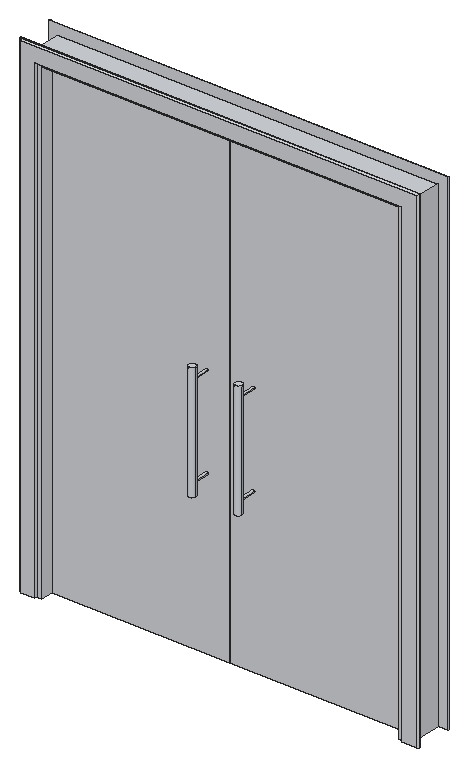
Revit family "Porta pivotante dupla com revestimento", category Portas, Revit 2019
Family settings
  Hospedeiro = Parede
  Número OmniClass = 23.30.10.00
  Título OmniClass = Doors
  Sempre na vertical = Sim
  Corte com vazios quando carregada = Não
  Compartilhado = Não
  Ponto de cálculo do ambiente = Não
Parameters (values of type "1640 x 2100mm")
  Visual Light Transmittance = 0
  Largura da apara = 70 mm
  Espessura da apara = 10 mm
  Material da apara = none
  Espessura = 45 mm
  Solar Heat Gain Coefficient = 0
  Rough Width = Width  # 1640 mm
  Rough Height = Height  # 2100 mm
  Largura do painel = (Width - (Largura da estrutura - 10 mm) * 2) / 2 - Largura da moldura média  # 740 mm
  Sub-largura do painel = 120 mm
  Material do painel = none
  ID do tipo de construção = ""
  Coeficiente de transferência de calor (U) = 3.7021 W/(m²·K)
  Material do puxador = none
  Função = Exterior
  Height = 2100 mm
  Fechamento da parede = Por hospedeiro
  Width = 1640 mm
  Largura da estrutura = 50 mm
  Largura da moldura média = Largura da estrutura - 10 mm  # 40 mm
  Material da moldura = none
  Construção analítica = Metal
Types (4, lengths in mm): name | Rough Width | Largura do painel | Width
  (no name) | 1640 | 740 | 1640
  1640 x 2100mm | 1640 | 740 | 1640
  1840 x 2100mm | 1840 | 840 | 1840
  2040 x 2100mm | 2040 | 940 | 2040
Reference planes
  plane 1 "Centro (Frente/Trás)": y = 0
  plane 2 "Centro (Esquerda/Direita)": x = 0
  plane 3 "Esquerda": x = -820
  plane 4 "Direita": x = 820
  plane 5: z = 2100
  plane 6 "Exterior": y = 75
  plane 7 "Interior": y = -75
  plane 8: z = 0
  plane 9: x = 780
  plane 10: y = 75
  plane 11: y = -75
  plane 12: x = 660
  plane 13: z = 1050
  plane 14: y = 22.5
  plane 15: y = -22.5
  plane 16: x = -780
  plane 17: z = 2060
  plane 18: x = -770
  plane 19: x = 770
  plane 20: x = 100
  plane 21: y = -85
  plane 22: y = 85
  plane 23: z = 2080
  plane 24: x = 800
  plane 25: x = -795
  plane 26: z = 900
  plane 27: x = -865
  plane 28: x = -660
  plane 29: x = -100
Forms (mm)
  Extrusion 1, solid, material <- "Material do painel", detail levels medium+fine
    sketch origin (0, 0, 0) x (1, 0, 0) y (0, 1, 0)
      loop
        line (-780, 22.5) -> (-780, -22.5) -> (0, -22.5) -> (0, 22.5) -> (-780, 22.5)
    from 0 to 2060
  Sweep 2, solid, material <- "Material da moldura", detail levels fine
    path origin (0, 75, 0) x (1, 0, 0) y (0, 0, 1)
      loop
        line (-820, 2060) -> (-820, 0)
    profile origin (-820, 75, 1030) x (0, -1, 0) y (1, 0, 0)
      loop
        line (0, 40) -> (0, 0) -> (150, 0) -> (150, 50) -> (97.5, 50) -> (97.5, 40) -> (0, 40)
  Sweep 3, solid, material <- "Material da moldura", detail levels fine
    path origin (0, 75, 0) x (1, 0, 0) y (0, 0, 1)
      loop
        line (820, 0) -> (820, 2060)
    profile origin (820, 75, 1030) x (-1, 0, 0) y (0, -1, 0)
      loop
        line (0, 0) -> (40, 0) -> (40, 97.5) -> (50, 97.5) -> (50, 150) -> (0, 150) -> (0, 0)
  Sweep 4, solid, material <- "Material da moldura", detail levels fine
    path origin (0, 75, 0) x (1, 0, 0) y (0, 0, 1)
      loop
        line (820, 2100) -> (-820, 2100)
    profile origin (0, 75, 2100) x (0, 0, -1) y (0, -1, 0)
      loop
        line (0, 0) -> (40, 0) -> (40, 150) -> (0, 150) -> (0, 0)
  Extrusion 5, solid, material <- "Material do painel", detail levels coarse
    sketch origin (-65.763, 0, 0) x (1, 0, 0) y (0, 1, 0)
      loop
        line (65.763, 22.5) -> (65.763, -22.5) -> (885.763, -22.5) -> (885.763, 22.5) -> (65.763, 22.5)
    from 0 to 2100
  Sweep 6, solid, material <- "Material da moldura", detail levels medium
    path origin (0, 75, 0) x (1, 0, 0) y (0, 0, 1)
      loop
        line (-820, 0) -> (-820, 2100) -> (820, 2100) -> (820, 0)
    profile origin (820, 75, 1050) x (0, -1, 0) y (1, 0, 0)
      loop
        line (0, -40) -> (150, -40) -> (150, 0) -> (0, 0) -> (0, -40)
  Extrusion 7, solid, material <- "Material do painel", detail levels coarse
    sketch origin (65.763, 0, 0) x (-1, 0, 0) y (0, -1, 0)
      loop
        line (65.763, -22.5) -> (885.763, -22.5) -> (885.763, 22.5) -> (65.763, 22.5) -> (65.763, -22.5)
    from 0 to 2100
  Extrusion 8, solid, material <- "Material do painel", detail levels medium+fine
    sketch origin (0, 0, 0) x (-1, 0, 0) y (0, -1, 0)
      loop
        line (-780, -22.5) -> (0, -22.5) -> (0, 22.5) -> (-780, 22.5) -> (-780, -22.5)
    from 0 to 2060
  Sweep 9, solid, material <- "Material da apara", detail levels fine
    path origin (-2735, -75, 1200) x (-1, 0, 0) y (0, 0, 1)
      loop
        line (-3555, -1200) -> (-3555, 900) -> (-1915, 900) -> (-1915, -1200)
    profile "Perfil da apara : Perfil da apara" origin (-820, -75, 1050) x (-1, 0, 0) y (0, 1, 0)
      loop
        line (43, 0) -> (-27, 0) -> (-27, -10) -> (37, -10) -> (43, -4) -> (43, 0)
  Sweep 10, solid, material <- "Material da apara", detail levels fine
    path origin (-2697.817, 75, 1200) x (-1, 0, 0) y (0, 0, 1)
      loop
        line (-1877.817, -1200) -> (-1877.817, 900) -> (-3517.817, 900) -> (-3517.817, -1200)
    profile "Perfil da apara : Perfil da apara" origin (-820, 75, 1050) x (1, 0, 0) y (0, 1, 0)
      loop
        line (-43, 0) -> (27, 0) -> (27, 10) -> (-37, 10) -> (-43, 4) -> (-43, 0)
Cuts and joins
  joined: Sweep 2, Sweep 3, Sweep 4
Lines and regions (mm)
  Opening 1
    outline origin (-3050, -75, 0) x (1, 0, 0) y (0, 0, 1)
      loop
        line (2230, 0) -> (3870, 0) -> (3870, 2100) -> (2230, 2100) -> (2230, 0)
  symbolic lines, style "Doors", detail levels medium+fine
    curve 1: circle (660, 0, 0) r 10 normal (0, 0, 1)
    curve 16: circle (-660, 0, 0) r 10 normal (0, 0, -1)
  symbolic lines, style "Giro da elevação", detail levels medium+fine
    curve 2: line (780, 75, 1050) -> (660, 75, 0)
    curve 3: line (780, 75, 1050) -> (660, 75, 2060)
    curve 6: line (660, 75, 2060) -> (0, 75, 1050)
    curve 13: line (-660, 75, 2060) -> (0, 75, 1050)
    curve 14: line (-660, 75, 2060) -> (-780, 75, 1050)
    curve 15: line (-780, 75, 1050) -> (-660, 75, 0)
  symbolic lines, style "Giro da elevação", detail levels coarse
    curve 4: line (660, 75, 0) -> (820, 75, 1050)
    curve 5: line (820, 75, 1050) -> (660, 75, 2100)
    curve 8: line (660, 75, 2100) -> (0, 75, 1050)
    curve 9: line (-660, 75, 2100) -> (0, 75, 1050)
    curve 11: line (-660, 75, 0) -> (-820, 75, 1050)
    curve 12: line (-820, 75, 1050) -> (-660, 75, 2100)
  symbolic lines, style "Giro da elevação"
    curve 7: line (0, 75, 1050) -> (660, 75, 0)
    curve 10: line (0, 75, 1050) -> (-660, 75, 0)
Text (mm)
  text "Externo" at (-2295.016, 1099.543, 0), in view "Nível de referência"
  text "Externo" at (0, 1615.38, 3698.081), in view "Esquerda"
  text "Externo" at (0, 1036.032, 3874.932), in view "Direita"
Dimensions and locks
  equal spacing: plane 3 "Esquerda", plane 2 "Centro (Esquerda/Direita)", plane 4 "Direita"
  "Width": plane 3 "Esquerda" to plane 4 "Direita"
  "Height": plane 5 to host wall
  host wall to plane 5 = 2100 mm  (x2)
  locked: plane 6 "Exterior" to host wall at 0
  locked: plane 7 "Interior" to host wall
  equal spacing: level, plane 13, plane 5
  "Espessura": plane 14 to plane 15
  "Sub-largura do painel": plane 12 to plane 9
  "Largura da moldura média": plane 9 to plane 4 "Direita"
  "Largura da moldura média": plane 3 "Esquerda" to plane 16
  "Largura da moldura média": plane 17 to plane 5
  equal spacing: plane 14, plane 1 "Centro (Frente/Trás)", plane 15
  locked: plane 16 to plane 18 at 10
  plane 19 to plane 9 = 10 mm
  equal spacing: plane 17, plane 23, plane 5
  equal spacing: plane 9, plane 24, plane 4 "Direita"
  equal spacing: plane 18, plane 25, plane 3 "Esquerda"
  "Espessura da apara": plane 11 to plane 21
  "Espessura da apara": plane 22 to plane 10
  locked: level to plane 26 at 900
  "Largura da apara": plane 27 to plane 25
  locked: plane 2 "Centro (Esquerda/Direita)" to plane 20 at 100
  "Sub-largura do painel": plane 16 to plane 28
  locked: plane 2 "Centro (Esquerda/Direita)" to plane 29 at 100
  aligned and locked: plane 3 "Esquerda" to Opening 1 sketch curve
  aligned and locked: plane 5 to Opening 1 sketch curve  (x2)
  aligned and locked: Opening 1 sketch curve to plane 4 "Direita"
  aligned and locked: Opening 1 sketch curve to level
  aligned and locked: level to plane 8
  aligned and locked: plane 10 to host wall
  aligned and locked: plane 9 to nested 1
  aligned and locked: plane 9 to curve 3
  aligned and locked: plane 13 to curve 3
  aligned and locked: plane 7 "Interior" to plane 11
  aligned and locked: Extrusion 1 sketch curve to plane 14
  aligned and locked: plane 15 to Extrusion 1 sketch curve
  aligned and locked: plane 16 to Extrusion 1 sketch curve
  aligned and locked: plane 1 "Centro (Frente/Trás)" to host wall
  aligned and locked: plane 17 to Sweep 2 sketch curve
  aligned and locked: plane 8 to Sweep 2 sketch curve
  aligned and locked: Sweep 2 sketch curve to plane 6 "Exterior"
  aligned and locked: plane 18 to Sweep 2 sketch curve
  aligned and locked: plane 16 to Sweep 2 sketch curve
  aligned and locked: plane 7 "Interior" to Sweep 2 sketch curve
  aligned and locked: plane 3 "Esquerda" to Sweep 2 sketch curve
  aligned and locked: plane 8 to Sweep 3 sketch curve
  aligned and locked: plane 17 to Sweep 3 sketch curve
  aligned and locked: plane 4 "Direita" to Sweep 3 sketch curve
  aligned and locked: Sweep 3 sketch curve to plane 6 "Exterior"
  aligned and locked: Sweep 3 sketch curve to plane 4 "Direita"
  aligned and locked: plane 7 "Interior" to Sweep 3 sketch curve
  aligned and locked: Sweep 3 sketch curve to plane 19
  aligned and locked: plane 15 to Sweep 3 sketch curve
  aligned and locked: Sweep 3 sketch curve to plane 9
  aligned and locked: plane 4 "Direita" to Sweep 4 sketch curve
  aligned and locked: plane 3 "Esquerda" to Sweep 4 sketch curve
  aligned and locked: plane 5 to Sweep 4 sketch curve  (x2)
  aligned and locked: Sweep 4 sketch curve to plane 7 "Interior"
  aligned and locked: plane 6 "Exterior" to Sweep 4 sketch curve
  aligned and locked: plane 17 to Sweep 4 sketch curve
  aligned and locked: plane 15 to nested 2
  aligned and locked: plane 20 to nested 2
  aligned and locked: plane 26 to nested 2
  aligned and locked: plane 12 to curve 2
  aligned and locked: Extrusion 5 sketch curve to plane 14
  aligned and locked: plane 15 to Extrusion 5 sketch curve
  aligned and locked: plane 4 "Direita" to curve 5
  aligned and locked: plane 4 "Direita" to Sweep 6 sketch curve  (x2)
  aligned and locked: plane 5 to Sweep 6 sketch curve
  aligned and locked: plane 3 "Esquerda" to Sweep 6 sketch curve
  aligned and locked: Sweep 6 sketch curve to plane 10
  aligned and locked: plane 11 to Sweep 6 sketch curve
  aligned and locked: plane 9 to Sweep 6 sketch curve
  aligned and locked: nested 4 to plane 29
  aligned and locked: plane 2 "Centro (Esquerda/Direita)" to curve 7
  aligned and locked: plane 13 to curve 7
  aligned and locked: Extrusion 5 to plane 4 "Direita"
  aligned and locked: Extrusion 5 to plane 2 "Centro (Esquerda/Direita)"
  aligned and locked: plane 2 "Centro (Esquerda/Direita)" to Extrusion 7
  aligned and locked: plane 3 "Esquerda" to Extrusion 7
  aligned and locked: Extrusion 5 to plane 5
  aligned and locked: Extrusion 7 to plane 5
  aligned and locked: Extrusion 5 to plane 8
  aligned and locked: Extrusion 7 to plane 8
  aligned and locked: Extrusion 1 to plane 16
  aligned and locked: plane 2 "Centro (Esquerda/Direita)" to Extrusion 1
  aligned and locked: plane 9 to Extrusion 8
  aligned and locked: Extrusion 8 to plane 2 "Centro (Esquerda/Direita)"
  aligned and locked: plane 17 to Extrusion 8
  aligned and locked: plane 17 to Extrusion 1
  aligned and locked: plane 28 to curve 16
  aligned and locked: plane 1 "Centro (Frente/Trás)" to curve 16
  aligned and locked: nested 3 to plane 28
  aligned and locked: plane 1 "Centro (Frente/Trás)" to nested 3
  aligned and locked: Sweep 2 sketch curve to plane 15
  aligned and locked: plane 3 "Esquerda" to Sweep 9 sketch curve
  aligned and locked: plane 5 to Sweep 9 sketch curve
  aligned and locked: plane 4 "Direita" to Sweep 9 sketch curve
  aligned and locked: Sweep 10 sketch curve to plane 3 "Esquerda"
  aligned and locked: Sweep 10 sketch curve to plane 5
  aligned and locked: Sweep 10 sketch curve to plane 4 "Direita"
Automatic sketch dimensions
  Sweep 6 sketch curve to level = 0 mm  (x2)
  plane 3 "Esquerda" to curve 12 = 0 mm
  curve 14 to plane 13 = 0 mm
  curve 14 to plane 16 = 0 mm
  curve 12 to plane 5 = 0 mm
  plane 28 to curve 12 = 0 mm
  curve 13 to plane 17 = 0 mm
  plane 28 to curve 13 = 0 mm
  curve 11 to level = 0 mm
  plane 28 to curve 11 = 0 mm
  curve 6 to plane 12 = 0 mm
  curve 5 to plane 5 = 0 mm
  curve 5 to plane 12 = 0 mm
  curve 2 to level = 0 mm
  curve 5 to plane 13 = 0 mm
  curve 12 to plane 13 = 0 mm
  curve 6 to plane 17 = 0 mm
  Extrusion 1 sketch curve to plane 2 "Centro (Esquerda/Direita)" = 0 mm
  plane 3 "Esquerda" to Sweep 2 sketch curve = 0 mm
  Extrusion 5 sketch curve to plane 2 "Centro (Esquerda/Direita)" = 0 mm
  Extrusion 5 sketch curve to plane 4 "Direita" = 0 mm
  Extrusion 7 sketch curve to plane 2 "Centro (Esquerda/Direita)" = 0 mm
  Extrusion 7 sketch curve to plane 3 "Esquerda" = 0 mm
  Extrusion 7 sketch curve to plane 15 = 0 mm
  Extrusion 7 sketch curve to plane 14 = 0 mm
  Extrusion 8 sketch curve to plane 9 = 0 mm
  Extrusion 8 sketch curve to plane 2 "Centro (Esquerda/Direita)" = 0 mm
  Extrusion 8 sketch curve to plane 15 = 0 mm
  Extrusion 8 sketch curve to plane 14 = 0 mm
  host wall to curve 1 = 0 mm
  curve 1 to plane 12 = 0 mm
  Sweep 9 sketch curve to level = 0 mm  (x2)
  Sweep 10 sketch curve to level = 0 mm  (x2)
  radius of curve 1 = 10 mm
  radius of curve 16 = 10 mm
Nested families
  nested 1: "Porta pivotante_Giro da planta 3" at (-280, 0, 0) x (-1, 0, 0) z (0, 0, 1), type "Porta pivotante_Giro da planta 3"
  nested 2: "Maçaneta da porta 4" at (100, 0, 900), type "Altura 500 mm", detail levels fine
  nested 3: "Porta pivotante_Giro da planta 3" at (280, 0, 0), type "Porta pivotante_Giro da planta 3"
  nested 4: "Maçaneta da porta 4" at (-100, 0, 900) x (-1, 0, 0) z (0, 0, 1), type "Altura 500 mm", detail levels fine
Definition of nested family "Maçaneta da porta 4"
  Parameters
    Espessura do painel = 45 mm
    Material do puxador = none
    Raio do puxador = 15 mm
    Altura do puxador = 500 mm
    Profundidade do puxador = 80 mm
    Raio do conector = 5 mm
    Altura do conector = Altura do puxador - 100 mm  # 400 mm
    Assembly Code = ""
  Reference planes
    plane 1 "Centro (Frente/Trás)": y = 0
    plane 2: z = 0
    plane 3 "Centro (Esquerda/Direita)": x = 0
    plane 4: z = 250
    plane 5: y = -102.5
    plane 6: z = -250
    plane 7: z = 200
    plane 8: z = -200
    plane 9: y = -22.5
    plane 10: y = 22.5
    plane 11: y = 102.5
  Forms (mm)
    Extrusion 1, solid, material <- "Material do puxador"
      sketch origin (0, -30.569, 0) x (1, 0, 0) y (0, 1, 0)
        loop
          circle (0, -71.931) r 15
      from -250 to 250
    Extrusion 2, solid, material <- "Material do puxador"
      sketch origin (0, 0, 0) x (1, 0, 0) y (0, 0, 1)
        loop
          circle (0, 200) r 5
        loop
          circle (0, -200) r 5
      from 22.5 to 102.5
    Extrusion 3, solid, material <- "Material do puxador"
      sketch origin (0, 0, 0) x (1, 0, 0) y (0, 0, -1)
        loop
          circle (0, -200) r 5
        loop
          circle (0, 200) r 5
      from 22.5 to 102.5
    Extrusion 4, solid, material <- "Material do puxador"
      sketch origin (0, 30.569, 0) x (1, 0, 0) y (0, 1, 0)
        loop
          circle (0, 71.931) r 15
      from -250 to 250
  Dimensions and locks
    equal spacing: plane 4, plane 2, plane 6
    "Altura do puxador": plane 4 to plane 6
    equal spacing: plane 7, plane 2, plane 8
    "Altura do conector": plane 7 to plane 8
    equal spacing: plane 9, plane 1 "Centro (Frente/Trás)", plane 10
    "Profundidade do puxador": plane 9 to plane 5
    "Profundidade do puxador": plane 10 to plane 11
    "Espessura do painel": plane 9 to plane 10
    "Raio do puxador": radius of Extrusion 1 sketch curve
    "Raio do conector": radius of Extrusion 2 sketch curve  (x2)
    "Raio do conector": radius of Extrusion 3 sketch curve  (x2)
    "Raio do puxador": radius of Extrusion 4 sketch curve
    aligned and locked: plane 6 to Extrusion 1
    aligned and locked: plane 4 to Extrusion 1
    aligned: Extrusion 2 to plane 5
    aligned and locked: Extrusion 2 to plane 5  (x2)
    aligned and locked: plane 9 to Extrusion 2
    aligned and locked: plane 5 to Extrusion 1 sketch curve
    aligned and locked: plane 3 "Centro (Esquerda/Direita)" to Extrusion 1 sketch curve
    aligned and locked: Extrusion 2 to plane 9  (x2)
    aligned and locked: plane 10 to Extrusion 3
    aligned and locked: Extrusion 3 to plane 11
    aligned and locked: plane 11 to Extrusion 4 sketch curve
    aligned and locked: plane 3 "Centro (Esquerda/Direita)" to Extrusion 4 sketch curve
    aligned and locked: plane 4 to Extrusion 4
    aligned and locked: plane 6 to Extrusion 4
  Automatic sketch dimensions
    Extrusion 2 sketch curve to plane 3 "Centro (Esquerda/Direita)" = 0 mm  (x2)
    Extrusion 2 sketch curve to plane 8 = 0 mm
    Extrusion 2 sketch curve to plane 7 = 0 mm
    Extrusion 3 sketch curve to plane 3 "Centro (Esquerda/Direita)" = 0 mm  (x2)
    Extrusion 3 sketch curve to plane 7 = 0 mm
    Extrusion 3 sketch curve to plane 8 = 0 mm
Definition of nested family "Porta pivotante_Giro da planta 3"
  Parameters
    Width = 2000 mm
    Thickness = 45 mm
    Rough Width = 2000 mm
    Rough Height = 2100 mm
    Largura do painel = 740 mm
    Sub-largura do painel = 120 mm
    Largura da moldura média = 40 mm
    Height = 2100 mm
  Reference planes
    plane 1 "Centro (Frente/Trás)": y = 0
    plane 2: z = 0
    plane 3 "Esquerda": x = 0
    plane 4: x = -962.5
    plane 5: x = -917.5
    plane 6: y = 620
    plane 7 "Centro (Esquerda/Direita)": x = -940
    plane 8: z = 2100
    plane 9: y = -120
    plane 10: x = -1060
    plane 11: y = 660
    plane 12: y = -160
    plane 13: x = -1100
    plane 14: x = -167.5
  Lines and regions (mm)
    Masking region 1, detail levels medium+fine
      outline origin (0, 0, 0) x (1, 0, 0) y (0, 1, 0)
        loop
          line (-962.5, 660) -> (-962.5, -120) -> (-917.5, -120) -> (-917.5, 660) -> (-962.5, 660)
    Masking region 2, detail levels coarse
      outline origin (0, 0, 0) x (1, 0, 0) y (0, 1, 0)
        loop
          line (-962.5, -160) -> (-917.5, -160) -> (-917.5, 660) -> (-962.5, 660) -> (-962.5, -160)
    symbolic lines, detail levels medium+fine
      curve 1: line (-962.5, -120, 0) -> (-962.5, 660, 0)
      curve 2: line (-917.5, 660, 0) -> (-917.5, -120, 0)
      curve 3: arc (-1060, 0, 0) -> (-1024.572, -84.687, 0) -> (-939.72, -119.717, 0) r 120.282
      curve 4: line (-967.5, 0, 0) -> (-912.5, 0, 0)
      curve 5: line (-940, 25, 0) -> (-940, -30, 0)
      curve 6: line (-962.5, -120, 0) -> (-917.5, -120, 0)
    model lines, detail levels fine
      curve 7: line (-1060, 0, 2100) -> (-1060, 0, 0)
    symbolic lines, detail levels coarse
      curve 8: line (-962.5, -160, 0) -> (-962.5, 660, 0)
      curve 9: line (-917.5, 660, 0) -> (-917.5, -160, 0)
      curve 10: line (-917.5, -160, 0) -> (-962.5, -160, 0)
      curve 11: arc (-940, -160, 0) -> (-1053.137, -113.137, 0) -> (-1100, 0, 0) r 160
    symbolic lines
      curve 12: arc (-940, 660, 0) -> (-473.31, 466.69, 0) -> (-280, 0, 0) r 660
      curve 13: line (-962.5, 660, 0) -> (-917.5, 660, 0)
  Dimensions and locks
    equal spacing: plane 4, plane 7 "Centro (Esquerda/Direita)", plane 5
    "Height": plane 8 to plane 2
    "Largura do painel": plane 6 to plane 9
    "Sub-largura do painel": plane 9 to plane 1 "Centro (Frente/Trás)"
    "Thickness": plane 4 to plane 5
    "Sub-largura do painel": plane 10 to plane 7 "Centro (Esquerda/Direita)"
    "Largura da moldura média": plane 11 to plane 6
    "Largura da moldura média": plane 9 to plane 12
    "Largura da moldura média": plane 13 to plane 10
    aligned and locked: level to plane 2
    aligned and locked: curve 1 to plane 4
    aligned and locked: curve 1 to curve 1
    aligned and locked: plane 10 to curve 3
    aligned and locked: plane 1 "Centro (Frente/Trás)" to curve 3
    aligned and locked: plane 1 "Centro (Frente/Trás)" to curve 4
    aligned and locked: plane 7 "Centro (Esquerda/Direita)" to curve 5
    aligned and locked: Masking region 1 sketch curve to plane 4
    aligned and locked: plane 9 to Masking region 1 sketch curve
    aligned and locked: Masking region 1 sketch curve to plane 5
    aligned and locked: curve 6 to plane 9
    aligned and locked: plane 8 to curve 7
    aligned and locked: plane 10 to curve 7
    aligned and locked: Masking region 1 to plane 4
    aligned and locked: Masking region 1 to plane 9
    aligned and locked: plane 5 to Masking region 1
    aligned and locked: curve 8 to plane 4
    aligned and locked: curve 9 to plane 5
    aligned and locked: plane 12 to curve 10
    aligned and locked: plane 13 to curve 11
    aligned and locked: plane 1 "Centro (Frente/Trás)" to curve 12
    aligned and locked: plane 7 "Centro (Esquerda/Direita)" to curve 12
    aligned and locked: plane 11 to curve 12
    aligned and locked: plane 12 to curve 11
    aligned and locked: plane 7 "Centro (Esquerda/Direita)" to curve 11
    aligned and locked: plane 1 "Centro (Frente/Trás)" to curve 11
    aligned and locked: Masking region 2 sketch curve to plane 4
    aligned and locked: Masking region 2 sketch curve to plane 12
    aligned and locked: Masking region 2 sketch curve to plane 5
    aligned and locked: Masking region 2 sketch curve to plane 11
    aligned and locked: plane 11 to Masking region 1
    aligned and locked: curve 13 to plane 11
  Automatic sketch dimensions
    curve 7 to level = 0 mm
    Masking region 1 sketch curve to plane 11 = 0 mm
    plane 4 to curve 4 = 5 mm
    curve 3 to plane 7 "Centro (Esquerda/Direita)" = 0.28 mm
    plane 5 to curve 4 = 5 mm
    plane 9 to curve 3 = 0.283 mm
    plane 1 "Centro (Frente/Trás)" to curve 5 = 30 mm
    curve 3 to curve 5 = 24.435 mm
